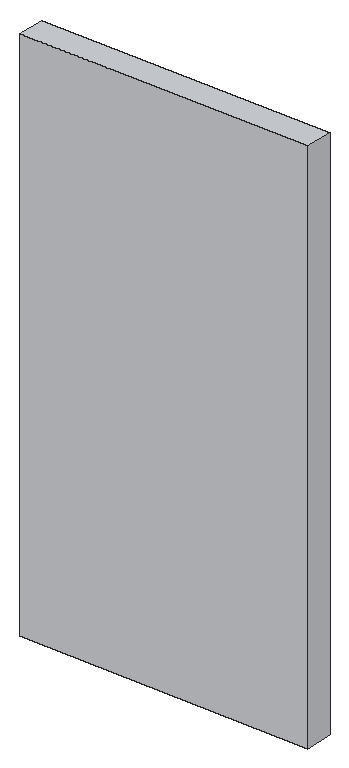
Revit family "Lighting_Fixture-Wall-Astro-Parma250", category Lighting Fixtures, host Face, Revit 2014
Parameters (values of type "250")
  Width = 250.00 mm
  Weight = "0.9 kg"
  Wattage Comments = "3X3W"
  Wattage = 9.2903 W
  built-in parameter 1150110 = 1 (stored number, unit not read)
  Voltage = 230 V
  URL = "www.astrolighting.co.uk"
  Type Comments = "- Includes integral electronic driver"
  built-in parameter 1114217 = 1 (stored number, unit not read)
  Tilt Angle = -90.00°
  built-in parameter 1150109 = 1 (stored number, unit not read)
  built-in parameter 1150134 = 3
  built-in parameter 1150113 = 1 (stored number, unit not read)
  Suitable for bathroom zone = "Zone 3"
  Product Documentation = "http://www.astrolighting.co.uk/products/kw/Parma/0887_Parma-250"
  Photometric Web File = "0887 PARMA 250.ies"
  Number of Poles = 1
  Mountable on normally flammable surfaces = "Yes"
  Model = "0887 Parma 250"
  Manufacturer = "Astro Lighting Ltd, CM20 2DP"
  built-in parameter 1150105 = 109.82 (stored number, unit not read)
  Lumens = 1380 lm
  Luminaire Lamp Efficiency Rating = "-A"
  built-in parameter 1150115 = 1 (stored number, unit not read)
  Light Source From Wall = 30.00 mm
  Light Source Elevation = 1635.00 mm
  built-in parameter 1150137 = (empty or 0)
  built-in parameter 1150139 = (empty or 0)
  Length = 60.00 mm
  Lamp included = "Yes"
  built-in parameter 1150112 = 1 (stored number, unit not read)
  built-in parameter 1150114 = 1 (stored number, unit not read)
  Lamp = "LED"
  built-in parameter 1150132 = (empty or 0)
  built-in parameter 1150102 = (empty or 0)
  built-in parameter 1150107 = 3200 (stored number, unit not read)
  built-in parameter 1150138 = (empty or 0)
  built-in parameter 1150106 = 1.0982 (stored number, unit not read)
  IP Rating = "IP20"
  Height = 65.00 mm
  Heatsink Material = Astro - Aluminium - Anodised
  Energy Efficiency Rating = "-"
  Emit from Rectangle Width = 48.00 mm
  Emit from Rectangle Length = 233.00 mm
  Emit Shape Visible in Rendering = no
  built-in parameter 1150104 = 13.8 (stored number, unit not read)
  Dimming Lamp Color Temperature Shift = <None>
  Dimmable = "No"
  Diffuser Width = 233.00 mm
  Diffuser From Wall = 4.00 mm
  Description = "Wall light"
  Default Elevation [instance] = 1700.00 mm
  Color Filter = 16777215
  Class = 1
  Casing Material = Astro - Plaster - Natural
  Manufacturer Contact = "01279 427001"
  Cable Entry Placer (from right) = 54.00 mm
  Cable Entry Placer (from top) = 25.00 mm
  built-in parameter 1114218 = 1 (stored number, unit not read)
  built-in parameter 1150133 = 10 (stored number, unit not read)
  Assembly Code = "D5020200"
  Apparent Load = 9.04 VA
Reference planes
  plane 1: y = -75
  plane 2 "Light Source Axis (L/R)": x = 125
  plane 3 "Light Source Axis (F/R)": y = 30
  plane 4 "Light Source Elevation": z = 1635
  plane 5: y = -150
  plane 6 "Center (Elevation)": z = 1600
  plane 7: z = 0
  plane 8 "Top": z = 1632.5
  plane 9 "Bottom": z = 1567.5
  plane 10 "Left": x = 250
  plane 11 "Right": x = 0
  plane 12 "Front": y = 60
  plane 13: y = 0
  plane 14: z = 1575.5
  plane 15: x = 242
  plane 16: x = 8
  plane 17: y = 52
Forms (mm)
  Extrusion 1, solid
    sketch origin (140, -150, 1500) x (0, 0, 1) y (1, 0, 0)
      loop
        line (-1500, -800) -> (1500, -800) -> (1500, 800) -> (-1500, 800) -> (-1500, -800)
    from 0 to 150
  Extrusion 2, solid, material "Astro - Plaster - Natural" <- "Casing Material"
    sketch origin (1573.638, 225, 1600) x (1, 0, 0) y (0, 1, 0)
      loop
        line (-1573.638, -165) -> (-1573.638, -225) -> (-1323.638, -225) -> (-1323.638, -165) -> (-1573.638, -165)
    from -32.5 to 32.5
  Extrusion 3, void
    sketch origin (1573.638, 225, 1600) x (0, 1, 0) y (1, 0, 0)
      loop
        line (-225, -1565.638) -> (-173, -1565.638) -> (-173, -1331.638) -> (-225, -1331.638) -> (-225, -1565.638)
    from -32.5 to 24.5
  Extrusion 4, solid, material "Astro - Aluminium - Anodised" <- "Heatsink Material"
    sketch origin (125, 0, 0) x (0, 1, 0) y (0, 0, 1)
      loop
        line (50, 1620.5) -> (4.5, 1620.5)
        arc (4.5, 1620.5) -> (1.318, 1619.182) -> (0, 1616) r 4.5
        line (0, 1616) -> (0, 1577.5) -> (2, 1577.5) -> (2, 1616)
        arc (2, 1616) -> (2.732, 1617.768) -> (4.5, 1618.5) r 2.5
        line (4.5, 1618.5) -> (50, 1618.5) -> (50, 1620.5)
    from -117 to 117
  Extrusion 5, void
    sketch origin (-969.65, 0, 4000) x (1, 0, 0) y (0, 0, 1)
      loop
        circle (1023.65, -2392.5) r 9
    from -60 to 0
  Extrusion 6, solid
    sketch origin (-969.65, 0, 4000) x (-1, 0, 0) y (0, 0, 1)
      loop
        circle (-1023.65, -2392.5) r 9
    from 0 to 15.329
  Extrusion 7, solid, material "Astro - Glass - Clear"
    sketch origin (125, 0, 0) x (0, 1, 0) y (0, 0, 1)
      loop
        line (52, 1632.5) -> (4, 1632.5) -> (4, 1628.5) -> (52, 1628.5) -> (52, 1632.5)
    from -116.5 to 116.5
Cuts and joins
  Extrusion 3 cuts Extrusion 2
  Extrusion 5 cuts Extrusion 4
Text (mm)
  text "Placement side" at (-1787.139, 1116.779, 0), in view "Ref. Level"
  text "Placement side" at (0, 2110.396, 2986.058), in view "Left"
  text "Placement side" at (0, 628.478, 3011.967), in view "Right"
Dimensions and locks
  equal spacing: plane 9 "Bottom", plane 6 "Center (Elevation)", plane 8 "Top"
  "Height": plane 9 "Bottom" to plane 8 "Top"
  equal spacing: plane 11 "Right", plane 2 "Light Source Axis (L/R)", plane 10 "Left"
  "Width": plane 11 "Right" to plane 10 "Left"
  locked: plane 1 to plane 13 at 75
  "Length": plane 12 "Front" to plane 13
  "Light Source From Wall": plane 3 "Light Source Axis (F/R)" to plane 13
  "Light Source Elevation": plane 7 to plane 4 "Light Source Elevation"
  plane 1 to Extrusion 3 = 75.00 mm
  locked: plane 9 "Bottom" to plane 14 at 8
  locked: Extrusion 4 sketch curve to plane 8 "Top" at 12
  locked: plane 8 "Top" to Extrusion 4 sketch curve at 14
  locked: Extrusion 4 sketch curve to plane 13 at 2
  locked: plane 12 "Front" to Extrusion 4 sketch curve at 10
  locked: Extrusion 4 sketch curve to plane 9 "Bottom" at 10
  locked: plane 11 "Right" to plane 16 at 8
  locked: plane 15 to plane 10 "Left" at 8
  "Cable Entry Placer (from top)": plane 8 "Top" to Extrusion 5 sketch curve
  "Cable Entry Placer (from top)": plane 8 "Top" to Extrusion 6 sketch curve
  "Diffuser From Wall": Extrusion 7 sketch curve to plane 13
  locked: plane 8 "Top" to Extrusion 7 sketch curve at 4
  locked: plane 12 "Front" to plane 17 at 8
  equal spacing: Extrusion 7, plane 2 "Light Source Axis (L/R)", Extrusion 7
  "Diffuser Width": Extrusion 7 to Extrusion 7
  "Cable Entry Placer (from right)": plane 11 "Right" to Extrusion 6 sketch curve
  "Cable Entry Placer (from right)": plane 11 "Right" to Extrusion 5 sketch curve
  aligned and locked: Extrusion 2 to plane 9 "Bottom"
  aligned and locked: plane 8 "Top" to Extrusion 2
  aligned and locked: Extrusion 2 to plane 10 "Left"
  aligned and locked: plane 11 "Right" to Extrusion 2
  aligned and locked: plane 12 "Front" to Extrusion 2
  aligned and locked: plane 13 to Extrusion 3 sketch curve
  aligned and locked: Extrusion 3 to plane 14
  aligned and locked: Extrusion 4 sketch curve to plane 13
  aligned and locked: Extrusion 4 to plane 15
  aligned and locked: plane 16 to Extrusion 4
  aligned and locked: Extrusion 5 to plane 13
  aligned and locked: imposter light to plane 3 "Light Source Axis (F/R)"
  aligned and locked: plane 2 "Light Source Axis (L/R)" to imposter light
  aligned and locked: plane 4 "Light Source Elevation" to imposter light
  aligned and locked: plane 16 to Extrusion 3 sketch curve
  aligned and locked: Extrusion 3 sketch curve to plane 15
  aligned and locked: Extrusion 3 sketch curve to plane 17
  aligned and locked: plane 8 "Top" to Extrusion 3
Automatic sketch dimensions
  Extrusion 1 sketch curve to Extrusion 1 sketch curve = 3000.00 mm
  Extrusion 1 sketch curve to Extrusion 1 sketch curve = 1600.00 mm
  Extrusion 2 sketch curve to plane 11 "Right" = 0.00 mm
  Extrusion 2 sketch curve to plane 10 "Left" = 0.00 mm
  Extrusion 2 sketch curve to plane 13 = 0.00 mm
  Extrusion 2 sketch curve to plane 12 "Front" = 0.00 mm
  Extrusion 4 sketch curve to Extrusion 4 sketch curve = 2.50 mm
  Extrusion 4 sketch curve to Extrusion 4 sketch curve = 0.00 mm
  Extrusion 7 sketch curve to plane 17 = 0.00 mm
  Extrusion 7 sketch curve to plane 8 "Top" = 0.00 mm
  radius of Extrusion 5 sketch curve = 9.00 mm
  radius of Extrusion 6 sketch curve = 9.00 mm
Connectors
  electrical at (54, 0, 1607.5), driven by "Number of Poles", driven by "Voltage", driven by "Apparent Load"
    settings: on Extrusion 6, index 1, voltage 230 V, apparent load 0 VA, apparent load phase1 9.04 VA, apparent load phase2 0 VA, apparent load phase3 0 VA, power factor 1, load classification "Other", number of poles 1, system type 31, power factor state 1, is connector primary yes, connector utility no, sub classification motor no, connector description ""
